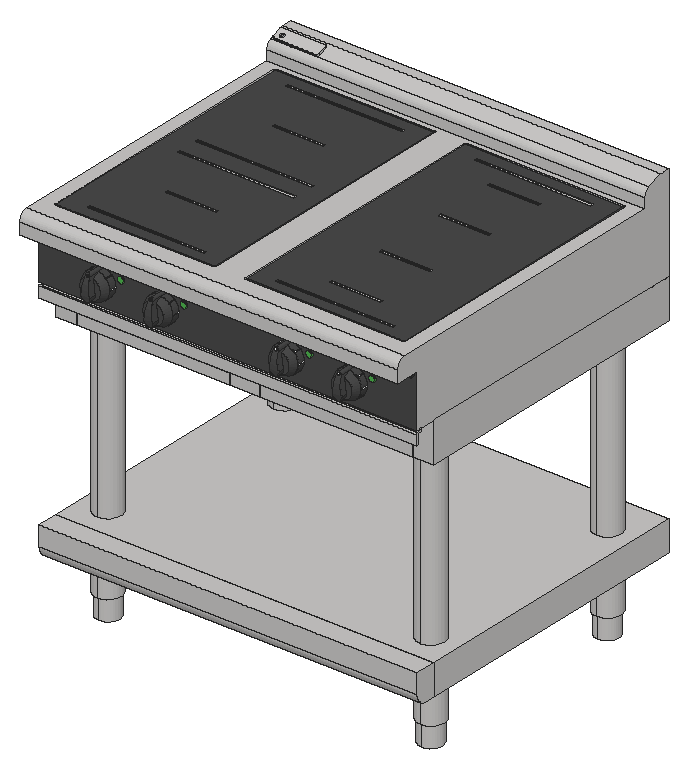
Revit family "QF_Moffat_INLB8400R5F-LS_Induction_Cooktop_cat", category Specialty Equipment, Revit 2019 (continued)
Definition of nested family "QF_LOGO_Waldorf1"
  Reference planes
    plane 2: z = 0
    plane 3 "LEFT": x = 0
    plane 4 "RIGHT": x = 138
    plane 5 "FRONT": y = -3.175
    plane 6 "TOP": z = 26.711
    plane 7 "Center Y": x = 69
    plane 8 "Center X": y = -1.587
  Forms (mm)
    Extrusion 1, solid
      sketch origin (0, 0, 0) x (1, 0, 0) y (0, 0.920505, 0.390731)
        loop
          line (109, 3.464) -> (109, 23.247)
          spline (109, 23.247) -> (108.966, 23.699) -> (108.864, 24.143) -> (108.696, 24.572) -> (108.464, 24.979) -> (108.173, 25.355) -> (107.828, 25.696) -> (107.435, 25.995) -> (107, 26.247) -> (106.531, 26.447) -> (106.035, 26.593) -> (105.522, 26.681) -> (105, 26.711)
          line (105, 26.711) -> (4, 26.711)
          spline (4, 26.711) -> (3.478, 26.681) -> (2.965, 26.593) -> (2.469, 26.447) -> (2, 26.247) -> (1.565, 25.995) -> (1.172, 25.696) -> (0.827, 25.355) -> (0.536, 24.979) -> (0.304, 24.572) -> (0.136, 24.143) -> (0.034, 23.699) -> (0, 23.247)
          line (0, 23.247) -> (0, 3.464)
          spline (0, 3.464) -> (0.034, 3.012) -> (0.136, 2.568) -> (0.304, 2.138) -> (0.536, 1.732) -> (0.827, 1.355) -> (1.172, 1.015) -> (1.565, 0.716) -> (2, 0.464) -> (2.469, 0.264) -> (2.965, 0.118) -> (3.478, 0.03) -> (4, 0)
          line (4, 0) -> (105, 0)
          spline (105, 0) -> (105.522, 0.03) -> (106.035, 0.118) -> (106.531, 0.264) -> (107, 0.464) -> (107.435, 0.716) -> (107.828, 1.015) -> (108.173, 1.355) -> (108.464, 1.732) -> (108.696, 2.138) -> (108.864, 2.568) -> (108.966, 3.012) -> (109, 3.464)
        loop
          line (14.75, 7.005) -> (14.75, 15.654)
          arc (14.75, 15.654) -> (10.425, 11.329) -> (14.75, 7.005) r 4.325
        loop
          line (15.25, 15.654) -> (15.25, 7.005)
          arc (15.25, 7.005) -> (19.575, 11.329) -> (15.25, 15.654) r 4.325
      from 0 to 3.2
    Extrusion 2, solid
      sketch origin (0, 0, 0) x (1, 0, 0) y (0, 0.920505, 0.390731)
        loop
          line (15.25, 15.654) -> (15.25, 7.005)
          arc (15.25, 7.005) -> (19.575, 11.329) -> (15.25, 15.654) r 4.325
      from 0 to 3.2
    Extrusion 3, solid
      sketch origin (16.271, 0, 0) x (-1, 0, 0) y (0, -0.920505, -0.390731)
        loop
          arc (1.521, -15.654) -> (5.846, -11.329) -> (1.521, -7.005) r 4.325
          line (1.521, -7.005) -> (1.521, -15.654)
      from 0 to 3.2
  Lines and regions (mm)
    Split face 1
      outline origin (0, -1.25, 2.946) x (1, 0, 0) y (0, 0.920505, 0.390731)
        loop
          spline (22.129, 16.975) -> (22.389, 15.984) -> (22.649, 15.002) -> (22.91, 14.028) -> (23.172, 13.065) -> (23.433, 12.11) -> (23.695, 11.166) -> (23.956, 10.232) -> (24.218, 9.308) -> (24.479, 8.396) -> (24.74, 7.495) -> (25, 6.605) -> (25.26, 5.728)
          line (25.26, 5.728) -> (29.463, 5.728)
          spline (29.463, 5.728) -> (29.582, 6.252) -> (29.701, 6.78) -> (29.82, 7.313) -> (29.939, 7.85) -> (30.058, 8.391) -> (30.178, 8.936) -> (30.297, 9.485) -> (30.416, 10.038) -> (30.536, 10.594) -> (30.655, 11.155) -> (30.775, 11.719) -> (30.894, 12.287)
          spline (30.894, 12.287) -> (31.018, 11.719) -> (31.142, 11.155) -> (31.266, 10.594) -> (31.39, 10.038) -> (31.514, 9.485) -> (31.638, 8.936) -> (31.762, 8.391) -> (31.885, 7.85) -> (32.009, 7.313) -> (32.133, 6.78) -> (32.256, 6.252) -> (32.379, 5.728)
          line (32.379, 5.728) -> (36.51, 5.728)
          spline (36.51, 5.728) -> (36.766, 6.605) -> (37.023, 7.495) -> (37.28, 8.396) -> (37.538, 9.308) -> (37.795, 10.232) -> (38.053, 11.166) -> (38.311, 12.11) -> (38.569, 13.065) -> (38.826, 14.028) -> (39.083, 15.002) -> (39.34, 15.984) -> (39.597, 16.975)
          line (39.597, 16.975) -> (35.637, 16.975)
          spline (35.637, 16.975) -> (35.523, 16.334) -> (35.41, 15.697) -> (35.296, 15.063) -> (35.182, 14.433) -> (35.068, 13.807) -> (34.954, 13.185) -> (34.84, 12.566) -> (34.726, 11.952) -> (34.612, 11.342) -> (34.497, 10.737) -> (34.383, 10.135) -> (34.269, 9.538)
          spline (34.269, 9.538) -> (34.138, 10.135) -> (34.008, 10.737) -> (33.877, 11.342) -> (33.746, 11.952) -> (33.616, 12.566) -> (33.485, 13.185) -> (33.354, 13.807) -> (33.224, 14.433) -> (33.093, 15.063) -> (32.963, 15.697) -> (32.833, 16.334) -> (32.703, 16.975)
          line (32.703, 16.975) -> (29.247, 16.975)
          spline (29.247, 16.975) -> (29.111, 16.334) -> (28.974, 15.697) -> (28.837, 15.063) -> (28.7, 14.433) -> (28.562, 13.807) -> (28.425, 13.185) -> (28.288, 12.566) -> (28.15, 11.952) -> (28.013, 11.342) -> (27.875, 10.737) -> (27.738, 10.135) -> (27.6, 9.538)
          spline (27.6, 9.538) -> (27.483, 10.135) -> (27.366, 10.737) -> (27.249, 11.342) -> (27.132, 11.952) -> (27.015, 12.566) -> (26.897, 13.185) -> (26.78, 13.807) -> (26.663, 14.433) -> (26.546, 15.063) -> (26.43, 15.697) -> (26.313, 16.334) -> (26.196, 16.975)
          line (26.196, 16.975) -> (22.129, 16.975)
    Split face 2
      outline origin (0, -1.25, 2.946) x (1, 0, 0) y (0, 0.920505, 0.390731)
        loop
          line (51.449, 5.728) -> (51.035, 6.606) -> (51.035, 11.169)
          spline (51.035, 11.169) -> (50.686, 12.42) -> (50.176, 13.224) -> (49.51, 13.708) -> (48.693, 13.995) -> (47.747, 14.152) -> (46.698, 14.207) -> (45.579, 14.186) -> (44.419, 14.114) -> (43.279, 13.929) -> (42.249, 13.481) -> (41.424, 12.614) -> (40.897, 11.169)
          line (40.897, 11.169) -> (44.617, 11.169) -> (44.988, 11.965)
          spline (44.988, 11.965) -> (47.294, 11.682) -> (46.856, 10.932) -> (45.527, 10.609) -> (43.858, 10.439) -> (42.259, 10.123) -> (41.078, 9.417) -> (40.563, 8.246) -> (40.689, 6.989) -> (41.407, 6.052) -> (42.774, 5.536) -> (44.847, 5.497) -> (47.306, 6.602)
          line (47.306, 6.602) -> (47.624, 5.728) -> (51.449, 5.728)
    Split face 3
      outline origin (0, -1.25, 2.946) x (1, 0, 0) y (0, 0.920505, 0.390731)
        loop
          line (47.264, 9.264) -> (44.938, 8.597)
          spline (44.938, 8.597) -> (44.508, 8.228) -> (44.402, 7.9) -> (44.548, 7.626) -> (44.877, 7.42) -> (45.317, 7.295) -> (45.797, 7.265) -> (46.252, 7.342) -> (46.65, 7.525) -> (46.971, 7.813) -> (47.194, 8.201) -> (47.298, 8.685) -> (47.264, 9.264)
    Split face 4
      outline origin (0, -1.25, 2.946) x (1, 0, 0) y (0, 0.920505, 0.390731)
        loop
          line (53.33, 16.975) -> (53.33, 5.728) -> (57.173, 5.728) -> (57.173, 16.975) -> (53.33, 16.975)
    Split face 5
      outline origin (0, -1.25, 2.946) x (1, 0, 0) y (0, 0.920505, 0.390731)
        loop
          line (65.795, 16.975) -> (65.795, 12.976)
          spline (65.795, 12.976) -> (63.839, 14.082) -> (62.087, 14.096) -> (60.633, 13.343) -> (59.574, 12.148) -> (58.99, 10.806) -> (58.867, 9.452) -> (59.156, 8.159) -> (59.81, 7) -> (60.786, 6.056) -> (62.111, 5.514) -> (63.868, 5.634) -> (66.137, 6.679)
          line (66.137, 6.679) -> (66.137, 5.728) -> (69.511, 5.728) -> (69.511, 16.975) -> (65.795, 16.975)
    Split face 6
      outline origin (0, -1.25, 2.946) x (1, 0, 0) y (0, 0.920505, 0.390731)
        loop
          spline (64.273, 7.499) -> (64.754, 7.57) -> (65.202, 7.777) -> (65.587, 8.106) -> (65.882, 8.535) -> (66.067, 9.034) -> (66.131, 9.57) -> (66.067, 10.106) -> (65.882, 10.605) -> (65.587, 11.034) -> (65.202, 11.363) -> (64.754, 11.57) -> (64.273, 11.64)
          spline (64.273, 11.64) -> (63.793, 11.57) -> (63.345, 11.363) -> (62.96, 11.034) -> (62.665, 10.605) -> (62.479, 10.106) -> (62.416, 9.57) -> (62.479, 9.034) -> (62.665, 8.535) -> (62.96, 8.106) -> (63.345, 7.777) -> (63.793, 7.57) -> (64.273, 7.499)
    Split face 7
      outline origin (0, -1.25, 2.946) x (1, 0, 0) y (0, 0.920505, 0.390731)
        loop
          spline (76.449, 5.305) -> (77.855, 5.457) -> (79.166, 5.901) -> (80.291, 6.607) -> (81.155, 7.527) -> (81.698, 8.599) -> (81.883, 9.749) -> (81.698, 10.899) -> (81.155, 11.97) -> (80.291, 12.891) -> (79.166, 13.597) -> (77.855, 14.041) -> (76.449, 14.192)
          spline (76.449, 14.192) -> (75.042, 14.041) -> (73.731, 13.597) -> (72.606, 12.891) -> (71.742, 11.97) -> (71.199, 10.899) -> (71.014, 9.749) -> (71.199, 8.599) -> (71.742, 7.527) -> (72.606, 6.607) -> (73.731, 5.901) -> (75.042, 5.457) -> (76.449, 5.305)
    Split face 8
      outline origin (0, -1.25, 2.946) x (1, 0, 0) y (0, 0.920505, 0.390731)
        loop
          spline (76.449, 7.654) -> (76.841, 7.725) -> (77.206, 7.934) -> (77.52, 8.267) -> (77.76, 8.701) -> (77.912, 9.206) -> (77.963, 9.749) -> (77.912, 10.291) -> (77.76, 10.796) -> (77.52, 11.23) -> (77.206, 11.563) -> (76.841, 11.772) -> (76.449, 11.843)
          spline (76.449, 11.843) -> (76.057, 11.772) -> (75.691, 11.563) -> (75.378, 11.23) -> (75.137, 10.796) -> (74.986, 10.291) -> (74.934, 9.749) -> (74.986, 9.206) -> (75.137, 8.701) -> (75.378, 8.267) -> (75.691, 7.934) -> (76.057, 7.725) -> (76.449, 7.654)
    Split face 9
      outline origin (0, -1.25, 2.946) x (1, 0, 0) y (0, 0.920505, 0.390731)
        loop
          line (86.998, 12.335) -> (86.998, 13.879) -> (83.479, 13.879) -> (83.479, 5.728) -> (87.312, 5.728) -> (87.312, 8.975)
          spline (87.312, 8.975) -> (87.364, 9.356) -> (87.458, 9.686) -> (87.594, 9.968) -> (87.769, 10.204) -> (87.982, 10.398) -> (88.229, 10.55) -> (88.509, 10.666) -> (88.82, 10.746) -> (89.16, 10.794) -> (89.525, 10.812) -> (89.915, 10.803) -> (90.327, 10.77)
          line (90.327, 10.77) -> (90.327, 14.113)
          spline (90.327, 14.113) -> (89.929, 14.127) -> (89.552, 14.111) -> (89.197, 14.066) -> (88.865, 13.991) -> (88.554, 13.887) -> (88.266, 13.754) -> (87.999, 13.591) -> (87.755, 13.399) -> (87.532, 13.177) -> (87.332, 12.926) -> (87.154, 12.645) -> (86.998, 12.335)
    Split face 10
      outline origin (0, -1.25, 2.946) x (1, 0, 0) y (0, 0.920505, 0.390731)
        loop
          line (92.082, 13.879) -> (90.894, 13.879) -> (90.894, 11.972) -> (92.082, 11.972) -> (92.082, 5.728) -> (95.871, 5.728) -> (95.871, 11.972) -> (97.5, 11.972) -> (97.5, 13.879) -> (95.871, 13.879)
          spline (95.871, 13.879) -> (95.843, 14.088) -> (95.845, 14.278) -> (95.877, 14.447) -> (95.939, 14.596) -> (96.03, 14.726) -> (96.151, 14.835) -> (96.301, 14.925) -> (96.482, 14.995) -> (96.692, 15.045) -> (96.931, 15.075) -> (97.201, 15.085) -> (97.5, 15.076)
          line (97.5, 15.076) -> (97.5, 17.266) -> (95.367, 17.266)
          spline (95.367, 17.266) -> (94.982, 17.253) -> (94.58, 17.21) -> (94.174, 17.132) -> (93.774, 17.013) -> (93.39, 16.846) -> (93.034, 16.627) -> (92.717, 16.349) -> (92.448, 16.007) -> (92.24, 15.595) -> (92.102, 15.106) -> (92.046, 14.537) -> (92.082, 13.879)
  Dimensions and locks
    equal spacing: plane 3 "LEFT", plane 7 "Center Y", plane 4 "RIGHT"
    "Length": plane 3 "LEFT" to plane 4 "RIGHT"
    equal spacing: plane 5 "FRONT", plane 8 "Center X", plane 1 "BACK"
    "Depth": plane 5 "FRONT" to plane 1 "BACK"
    "Height": plane 6 "TOP" to level
    plane 4 "RIGHT" to plane 3 "LEFT" = 138 mm
    aligned and locked: level to plane 2
  Automatic sketch dimensions
    Extrusion 1 sketch curve to plane 3 "LEFT" = 0 mm
    plane 3 "LEFT" to Extrusion 1 sketch curve = 4 mm  (x2)
    Extrusion 1 sketch curve to Extrusion 1 sketch curve = 10.75 mm
    Extrusion 1 sketch curve to Extrusion 1 sketch curve = 0.5 mm
    plane 4 "RIGHT" to Extrusion 1 sketch curve = 33 mm
    Extrusion 1 sketch curve to Extrusion 1 sketch curve = 0 mm  (x3)
    Extrusion 1 sketch curve to Extrusion 1 sketch curve = 4 mm
    Extrusion 1 sketch curve to Extrusion 1 sketch curve = 3.464 mm  (x3)
    Extrusion 1 sketch curve to Extrusion 1 sketch curve = 3.541 mm
    Extrusion 1 sketch curve to Extrusion 1 sketch curve = 4.325 mm
    Extrusion 1 sketch curve to Extrusion 1 sketch curve = 19.783 mm
    Extrusion 1 sketch curve to Extrusion 1 sketch curve = 7.592 mm
    plane 3 "LEFT" to Extrusion 2 sketch curve = 15.25 mm
    Extrusion 2 sketch curve to Extrusion 2 sketch curve = 4.325 mm
    plane 3 "LEFT" to Extrusion 3 sketch curve = 14.75 mm
    Extrusion 3 sketch curve to Extrusion 3 sketch curve = 4.325 mm
    Extrusion 1 to Split face 1 sketch curve = 6.879 mm
    Split face 1 sketch curve to Extrusion 1 = 5.728 mm
    Split face 1 sketch curve to Split face 1 sketch curve = 3.132 mm
    Split face 1 sketch curve to Split face 1 sketch curve = 4.068 mm
    Split face 1 sketch curve to Split face 1 sketch curve = 3.051 mm
    Split face 1 sketch curve to Split face 1 sketch curve = 4.203 mm
    Split face 1 sketch curve to Split face 1 sketch curve = 2.916 mm
    Split face 1 sketch curve to Split face 1 sketch curve = 3.456 mm
    Split face 1 sketch curve to Split face 1 sketch curve = 2.934 mm
    Split face 1 sketch curve to Split face 1 sketch curve = 4.131 mm
    Split face 1 sketch curve to Split face 1 sketch curve = 3.96 mm
    Split face 1 sketch curve to Split face 1 sketch curve = 0 mm  (x2)
    Split face 1 sketch curve to Extrusion 1 = 9.736 mm  (x2)
    Extrusion 1 to Split face 1 sketch curve = 6.337 mm
    Extrusion 1 to Split face 1 sketch curve = 6.231 mm
    Extrusion 1 to Split face 1 sketch curve = 3.184 mm
    Extrusion 1 to Split face 1 sketch curve = 13.135 mm
    Split face 1 sketch curve to Split face 1 sketch curve = 4.652 mm
    Split face 1 sketch curve to Split face 1 sketch curve = 3.593 mm
    Split face 1 sketch curve to Split face 1 sketch curve = 1.863 mm
    Split face 1 sketch curve to Split face 1 sketch curve = 0.713 mm
    Split face 1 sketch curve to Split face 1 sketch curve = 2.684 mm
    Split face 1 sketch curve to Split face 1 sketch curve = 3.294 mm
    Split face 1 sketch curve to Split face 1 sketch curve = 0.459 mm
    Split face 1 sketch curve to Split face 1 sketch curve = 2.775 mm
    Split face 1 sketch curve to Split face 1 sketch curve = 1.89 mm
    Split face 1 sketch curve to Split face 1 sketch curve = 0.685 mm
    Split face 1 sketch curve to Split face 1 sketch curve = 9.486 mm
    Split face 1 sketch curve to Split face 1 sketch curve = 16.213 mm
    Split face 1 sketch curve to Split face 1 sketch curve = 3.48 mm
    Split face 1 sketch curve to Split face 1 sketch curve = 4.918 mm
    Split face 1 sketch curve to Split face 1 sketch curve = 7.609 mm
    Split face 1 sketch curve to Split face 1 sketch curve = 0.01 mm  (x2)
    Split face 1 sketch curve to Split face 1 sketch curve = 0.002 mm
    Split face 2 sketch curve to Extrusion 1 = 11.169 mm
    Extrusion 1 to Split face 2 sketch curve = 25.647 mm
    Split face 2 sketch curve to Split face 2 sketch curve = 3.72 mm
    Split face 2 sketch curve to Extrusion 1 = 11.965 mm
    Split face 2 sketch curve to Split face 2 sketch curve = 0.371 mm
    Split face 2 sketch curve to Extrusion 1 = 6.602 mm
    Split face 2 sketch curve to Split face 2 sketch curve = 2.689 mm
    Split face 2 sketch curve to Split face 2 sketch curve = 0.318 mm
    Split face 2 sketch curve to Split face 2 sketch curve = 3.729 mm
    Split face 2 sketch curve to Split face 2 sketch curve = 0.414 mm
    Split face 2 sketch curve to Split face 2 sketch curve = 0.875 mm
    Split face 2 sketch curve to Split face 2 sketch curve = 0.878 mm
    Split face 3 sketch curve to Extrusion 1 = 8.597 mm
    Extrusion 1 to Split face 3 sketch curve = 29.688 mm
    Split face 3 sketch curve to Extrusion 1 = 9.264 mm
    Split face 3 sketch curve to Split face 3 sketch curve = 2.326 mm
    Split face 4 sketch curve to Extrusion 1 = 5.728 mm
    Extrusion 1 to Split face 4 sketch curve = 38.08 mm
    Split face 4 sketch curve to Split face 4 sketch curve = 3.843 mm
    Split face 4 sketch curve to Extrusion 1 = 9.736 mm
    Split face 5 sketch curve to Extrusion 1 = 9.736 mm
    Split face 5 sketch curve to Extrusion 1 = 43.205 mm
    Split face 5 sketch curve to Extrusion 1 = 6.679 mm
    Split face 5 sketch curve to Split face 5 sketch curve = 0.342 mm
    Split face 5 sketch curve to Split face 5 sketch curve = 3.375 mm
    Split face 5 sketch curve to Split face 5 sketch curve = 0.952 mm
    Split face 5 sketch curve to Split face 5 sketch curve = 3.998 mm
    Split face 6 sketch curve to Extrusion 1 = 7.499 mm
    Split face 6 sketch curve to Extrusion 1 = 44.727 mm
    Split face 6 sketch curve to Split face 6 sketch curve = 2.07 mm
    Split face 7 sketch curve to Extrusion 1 = 5.305 mm
    Split face 7 sketch curve to Extrusion 1 = 32.551 mm
    Split face 7 sketch curve to Split face 7 sketch curve = 4.443 mm
    Split face 8 sketch curve to Extrusion 1 = 7.654 mm
    Split face 8 sketch curve to Extrusion 1 = 32.551 mm
    Split face 8 sketch curve to Split face 8 sketch curve = 2.095 mm
    Split face 9 sketch curve to Extrusion 1 = 5.728 mm
    Split face 9 sketch curve to Extrusion 1 = 25.521 mm
    Split face 9 sketch curve to Split face 9 sketch curve = 3.519 mm
    Split face 9 sketch curve to Split face 9 sketch curve = 0.315 mm
    Split face 9 sketch curve to Split face 9 sketch curve = 3.33 mm
    Split face 9 sketch curve to Split face 9 sketch curve = 3.248 mm
    Split face 9 sketch curve to Split face 9 sketch curve = 1.795 mm
    Split face 9 sketch curve to Split face 9 sketch curve = 3.36 mm
    Split face 9 sketch curve to Split face 9 sketch curve = 1.545 mm
    Split face 9 sketch curve to Split face 9 sketch curve = 0.233 mm
    Split face 10 sketch curve to Extrusion 1 = 18.106 mm
    Split face 10 sketch curve to Split face 10 sketch curve = 1.188 mm  (x2)
    Split face 10 sketch curve to Split face 10 sketch curve = 3.285 mm
    Split face 10 sketch curve to Split face 10 sketch curve = 3.789 mm
    Split face 10 sketch curve to Split face 10 sketch curve = 0 mm  (x2)
    Split face 10 sketch curve to Split face 10 sketch curve = 1.629 mm
    Split face 10 sketch curve to Split face 10 sketch curve = 2.133 mm
    Split face 10 sketch curve to Extrusion 1 = 5.728 mm
    Split face 10 sketch curve to Split face 10 sketch curve = 6.245 mm
    Split face 10 sketch curve to Split face 10 sketch curve = 1.907 mm  (x2)
    Split face 10 sketch curve to Split face 10 sketch curve = 1.197 mm
    Split face 10 sketch curve to Split face 10 sketch curve = 2.19 mm
Types (2, lengths in mm): name | Volts | Cycle | Apparent Power
  INLB8400R5F-LS_415/60/3 | 415 V | 60 Hz | 20102.6 VA
  INLB8400R5F-LS_400/50/3 | 400 V | 50 Hz | 19376 VA
